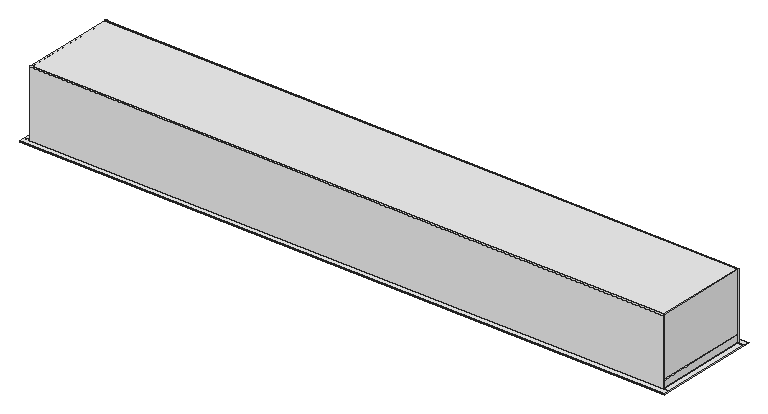
Revit family "MD2xx-4200-48", category Lighting Fixtures, host Ceiling, Revit 2019
Family settings
  Host = Ceiling
  Round Connector Dimension = Use Diameter
  Part Type = Normal
  OmniClass Number = 23.80.70.11.14.17
  OmniClass Title = Direct/Indirect
  Always vertical = Yes
  Cut with Voids When Loaded = No
  Light Source = Yes
  Shared = No
  Room Calculation Point = No
Parameters (values of type "MD2xx-4200-48-LED840K052LUNV (Exam On)")
  Width = 0' - 7 3/4"
  Wattage = 25 W
  built-in parameter 1150110 = 1 (stored number, unit not read)
  Voltage = 120 V
  URL = "https://www.viscor.com/en/products/md2-4200"
  built-in parameter 1114217 = 0.9 (stored number, unit not read)
  Tilt Angle = 90.00°
  built-in parameter 1150109 = 1 (stored number, unit not read)
  built-in parameter 1150134 = 12
  built-in parameter 1150113 = 1 (stored number, unit not read)
  Photometric Web File = "MD2IG-4200-48-LED840K52Lxxx (EXAM ON).IES"
  Model = "MD2-4200"  # constant formula
  Manufacturer = "Certolux By Viscor"  # constant formula
  Lumens = 2575 lm
  built-in parameter 1150115 = 1 (stored number, unit not read)
  built-in parameter 1150105 = 204.91 (stored number, unit not read)
  built-in parameter 1150137 = (empty or 0)
  built-in parameter 1150139 = (empty or 0)
  Lens Finish = Acrylic - Viscor - Flat Frosted Prismatic P12
  Length = 3' - 11 3/4"
  Lamp Wattage = 25 VA
  built-in parameter 1150112 = 1 (stored number, unit not read)
  built-in parameter 1150114 = 1 (stored number, unit not read)
  Lamp = "LED"  # constant formula
  built-in parameter 1150132 = (empty or 0)
  built-in parameter 1150102 = (empty or 0)
  built-in parameter 1150138 = (empty or 0)
  built-in parameter 1150107 = 4000 (stored number, unit not read)
  built-in parameter 1150106 = 2.0491 (stored number, unit not read)
  Housing Finish = Metal - Viscor - White
  Emit from Rectangle Width = Width  # 0' - 7 3/4"
  Emit from Rectangle Length = Length  # 3' - 11 3/4"
  Emit Shape Visible in Rendering = no
  built-in parameter 1150104 = 9.569 (stored number, unit not read)
  Dimming Lamp Color Temperature Shift = <None>
  Diffuser Finish = Acrylic - Viscor - Frosted Round
  Description = "LED-Recessed Medical Patient Ambient/Exam Luminaire"  # constant formula
  Color Filter = 16777215
  built-in parameter 1114218 = 1 (stored number, unit not read)
  built-in parameter 1150133 = 10 (stored number, unit not read)
  Assembly Code = ""
  Apparent Load = Lamp Wattage  # 25 VA
Types (7): name | Wattage | Photometric Web File | Lumens | built-in parameter 1150105 | Lamp Wattage | built-in parameter 1150106 | built-in parameter 1150104 | Apparent Load
  (no name) | 25 W | "MD2IG-4200-48-LED840K52Lxxx (EXAM ON).IES" | 2575 lm | 204.91 (stored number, unit not read) | 25 VA | 2.0491 (stored number, unit not read) | 9.569 (stored number, unit not read) | 25 VA
  MD2xx-4200-48-LED840K052LUNV (Exam On) | 25 W | "MD2IG-4200-48-LED840K52Lxxx (EXAM ON).IES" | 2575 lm | 204.91 (stored number, unit not read) | 25 VA | 2.0491 (stored number, unit not read) | 9.569 (stored number, unit not read) | 25 VA
  MD2xx-4200-48-LED840K052LUNV (Ambient On) | 25 W | "MD2IG-4200-48-LED840K52Lxxx (AMBIENT ON).IES" | 2625 lm | 208.89 (stored number, unit not read) | 25 VA | 2.0889 (stored number, unit not read) | 9.7548 (stored number, unit not read) | 25 VA
  MD2xx-4200-48-LED840K052LUNV (All On) | 50 W | "MD2IG-4200-48-LED840K52Lxxx (ALL ON).IES" | 5200 lm | 413.8 (stored number, unit not read) | 50 VA | 4.138 (stored number, unit not read) | 9.6619 (stored number, unit not read) | 50 VA
  MD2xx-4200-48-LED840K026LUNV (Exam On) | 13 W | "MD2IG-4200-48-LED840K26Lxxx (EXAM ON).ies" | 1287 lm | 102.42 (stored number, unit not read) | 13 VA | 1.0242 (stored number, unit not read) | 9.1974 (stored number, unit not read) | 13 VA
  MD2xx-4200-48-LED840K026LUNV (Ambient On) | 13 W | "MD2IG-4200-48-LED840K26Lxxx(AMBIENT ON).ies" | 1313 lm | 104.49 (stored number, unit not read) | 13 VA | 1.0449 (stored number, unit not read) | 9.3832 (stored number, unit not read) | 13 VA
  MD2xx-4200-48-LED840K026LUNV (All On) | 25 W | "MD2IG-4200-48-LED840K26Lxxx(All ON).ies" | 2600 lm | 206.9 (stored number, unit not read) | 25 VA | 2.069 (stored number, unit not read) | 9.6619 (stored number, unit not read) | 25 VA
Reference planes (in)
  plane 1 "Light Source Axis (F/B)": y = 0
  plane 2 "Ceiling": z = 96
  plane 3 "Light Source Axis (L/R)": x = 0
  plane 4 "Light Source Elevation": z = 96
  plane 5: y = 3.875
  plane 6: y = -3.875
  plane 7 "Left": x = -23.875
  plane 8 "Right": x = 23.875
  plane 9 "USofFrame": z = 96.045
  plane 10 "Lens": z = 96.17
  plane 11: x = -23.84375
  plane 12: x = -23.473
  plane 13: x = 23.473
Forms (in)
  Extrusion 1, void
    sketch origin (43.99109, -53.88196, 0) x (1, 0, 0) y (0, 1, 0)
      loop
        line (-67.86609, 57.75696) -> (-67.86609, 50.00696) -> (-20.11609, 50.00696) -> (-20.11609, 57.75696) -> (-67.86609, 57.75696)
    from 95.94035 to 101.56772
  Extrusion 2, void
    sketch origin (0, 0, 96) x (1, 0, 0) y (0, 1, 0)
      loop
        line (-22.5738, -2.5625) -> (22.5738, -2.5625) -> (22.5738, 2.5625) -> (-22.5738, 2.5625) -> (-22.5738, -2.5625)
    from -0.12033 to 0.79
  Extrusion 3, solid, material "Metal - Viscor - White" <- "Housing Finish"
    sketch origin (0, 0, 0) x (0, 1, 0) y (0, 0, 1)
      loop
        arc (3.4815, 100.979) -> (3.46217, 101.02567) -> (3.4155, 101.045) r 0.066
        line (3.4155, 101.045) -> (-3.4155, 101.045)
        arc (-3.4155, 101.045) -> (-3.46217, 101.02567) -> (-3.4815, 100.979) r 0.066
        line (-3.4815, 100.979) -> (-3.4815, 96.108) -> (-3.4455, 96.108) -> (-3.4455, 100.979)
        arc (-3.4455, 100.979) -> (-3.43671, 101.00021) -> (-3.4155, 101.009) r 0.03
        line (-3.4155, 101.009) -> (3.4155, 101.009)
        arc (3.4155, 101.009) -> (3.43671, 101.00021) -> (3.4455, 100.979) r 0.03
        line (3.4455, 100.979) -> (3.4455, 96.108) -> (3.4815, 96.108) -> (3.4815, 100.979)
    from -23.473 to 23.473
  Extrusion 4, solid, material "Metal - Viscor - White" <- "Housing Finish"
    sketch origin (0, 0, 0) x (1, 0, 0) y (0, 0, 1)
      loop
        line (-23.47204, 96.093) -> (-23.87504, 96.093) -> (-23.87504, 96.045) -> (-23.47204, 96.045)
        arc (-23.47204, 96.045) -> (-23.41052, 96.07048) -> (-23.38504, 96.132) r 0.087
        line (-23.38504, 96.132) -> (-23.38504, 96.631)
        arc (-23.38504, 96.631) -> (-23.37362, 96.65858) -> (-23.34604, 96.67) r 0.039
        line (-23.34604, 96.67) -> (23.34596, 96.67)
        arc (23.34596, 96.67) -> (23.37354, 96.65858) -> (23.38496, 96.631) r 0.039
        line (23.38496, 96.631) -> (23.38496, 96.132)
        arc (23.38496, 96.132) -> (23.41044, 96.07048) -> (23.47196, 96.045) r 0.087
        line (23.47196, 96.045) -> (23.87496, 96.045) -> (23.87496, 96.093) -> (23.47196, 96.093)
        arc (23.47196, 96.093) -> (23.44438, 96.10442) -> (23.43296, 96.132) r 0.039
        line (23.43296, 96.132) -> (23.43296, 96.631)
        arc (23.43296, 96.631) -> (23.40748, 96.69252) -> (23.34596, 96.718) r 0.087
        line (23.34596, 96.718) -> (-23.34604, 96.718)
        arc (-23.34604, 96.718) -> (-23.40756, 96.69252) -> (-23.43304, 96.631) r 0.087
        line (-23.43304, 96.631) -> (-23.43304, 96.132)
        arc (-23.43304, 96.132) -> (-23.44446, 96.10442) -> (-23.47204, 96.093) r 0.039
    from -3.4455 to 3.4455
  Extrusion 5, solid, material "Metal - Viscor - White" <- "Housing Finish"
    sketch origin (0, 0, 0) x (0, 1, 0) y (0, 0, 1)
      loop
        arc (-3.4155, 101.009) -> (-3.43671, 101.00021) -> (-3.4455, 100.979) r 0.03
        line (-3.4455, 100.979) -> (-3.4455, 96.718) -> (3.4455, 96.718) -> (3.4455, 100.979)
        arc (3.4455, 100.979) -> (3.43671, 101.00021) -> (3.4155, 101.009) r 0.03
        line (3.4155, 101.009) -> (-3.4155, 101.009)
    from 23.38355 to 23.473
  Extrusion 6, solid, material "Metal - Viscor - White" <- "Housing Finish"
    sketch origin (0, 0, 0) x (0, 1, 0) y (0, 0, -1)
      loop
        line (-3.4155, -101.009) -> (3.4155, -101.009)
        arc (3.4155, -101.009) -> (3.43671, -101.00021) -> (3.4455, -100.979) r 0.03
        line (3.4455, -100.979) -> (3.4455, -96.718) -> (-3.4455, -96.718) -> (-3.4455, -100.979)
        arc (-3.4455, -100.979) -> (-3.43671, -101.00021) -> (-3.4155, -101.009) r 0.03
    from 23.38355 to 23.473
  Extrusion 7, solid, material "Metal - Viscor - White" <- "Housing Finish"
    sketch origin (0, 0, 0) x (0, 1, 0) y (0, 0, 1)
      loop
        line (3.875, 96.045) -> (3.875, 96.093) -> (3.4455, 96.093) -> (3.4455, 96.045) -> (3.875, 96.045)
    from -23.875 to 23.875
  Extrusion 8, solid, material "Metal - Viscor - White" <- "Housing Finish"
    sketch origin (0, 0, 0) x (0, -1, 0) y (0, 0, -1)
      loop
        line (3.875, -96.045) -> (3.4455, -96.045) -> (3.4455, -96.093) -> (3.875, -96.093) -> (3.875, -96.045)
    from -23.875 to 23.875
  Extrusion 9, solid, material "Metal - Viscor - White" <- "Housing Finish"
    sketch origin (0, 0, 96) x (1, 0, 0) y (0, 1, 0)
      loop
        line (-23.3225, -3.323) -> (23.3225, -3.323) -> (23.3225, 3.323) -> (-23.3225, 3.323) -> (-23.3225, -3.323)
      loop
        line (22.4085, 2.381) -> (-22.4085, 2.381) -> (-22.4085, -2.381) -> (22.4085, -2.381) -> (22.4085, 2.381)
    from 0 to 0.631
  Extrusion 10, solid, material "Acrylic - Viscor - Flat Frosted Prismatic P12" <- "Lens Finish"
    sketch origin (0, 0, 0) x (0, 1, 0) y (0, 0, 1)
      loop
        line (2.5625, 96.118) -> (2.5625, 96.243) -> (-2.5625, 96.243) -> (-2.5625, 96.118) -> (2.5625, 96.118)
    from -22.56254 to 22.56246
  Extrusion 11, solid
    sketch origin (0, 0, 0) x (0, 1, 0) y (0, 0, 1)
      loop
        arc (2.375, 97.55368) -> (2.36801, 97.58408) -> (2.34845, 97.60837) r 0.0696
        line (2.34845, 97.60837) -> (1.01894, 98.65509)
        arc (1.01894, 98.65509) -> (1.00065, 98.66545) -> (0.98009, 98.66987) r 0.0696
        line (0.98009, 98.66987) -> (-0.97867, 98.66994)
        arc (-0.97867, 98.66994) -> (-0.99998, 98.6657) -> (-1.01894, 98.65509) r 0.0696
        line (-1.01894, 98.65509) -> (-2.34845, 97.60837)
        arc (-2.34845, 97.60837) -> (-2.36801, 97.58408) -> (-2.375, 97.55368) r 0.0696
        line (-2.375, 97.55368) -> (-2.375, 96.79) -> (-2.34375, 96.79) -> (-2.34375, 97.55368)
        arc (-2.34375, 97.55368) -> (-2.3399, 97.57043) -> (-2.32912, 97.58381) r 0.03835
        line (-2.32912, 97.58381) -> (-0.98924, 98.63869) -> (0.98934, 98.63862) -> (2.32912, 97.58381)
        arc (2.32912, 97.58381) -> (2.3399, 97.57043) -> (2.34375, 97.55368) r 0.03835
        line (2.34375, 97.55368) -> (2.34375, 96.79) -> (2.375, 96.79) -> (2.375, 97.55368)
    from -22.56254 to 22.56246
Dimensions and locks (in)
  equal spacing: host sketch curve, plane 3 "Light Source Axis (L/R)", host sketch curve
  equal spacing: host sketch curve, plane 1 "Light Source Axis (F/B)", host sketch curve
  host sketch curve to host sketch curve = 10' - 0"  (x2)
  equal spacing: plane 7 "Left", plane 3 "Light Source Axis (L/R)", plane 8 "Right"
  "Length": plane 7 "Left" to plane 8 "Right"
  equal spacing: plane 5, plane 1 "Light Source Axis (F/B)", plane 6
  "Width": plane 5 to plane 6
  locked: plane 9 "USofFrame" to plane 2 "Ceiling" at 0.045
  plane 10 "Lens" to plane 9 "USofFrame" = 0' - 0 1/8"
  Extrusion 1 to plane 12 to plane 3 "Light Source Axis (L/R)" = 0' - 0.402" locked, 1' - 11.473"
  locked: plane 13 to plane 8 "Right" at 0.402
  plane 4 "Light Source Elevation" to level = 8' - 0"
  Extrusion 10 to plane 2 "Ceiling" = 0' - 0.118"
  aligned and locked: plane 3 "Light Source Axis (L/R)" to imposter light
  aligned and locked: plane 1 "Light Source Axis (F/B)" to imposter light
  aligned and locked: plane 4 "Light Source Elevation" to imposter light
  aligned and locked: Extrusion 1 to plane 7 "Left"
  aligned and locked: plane 8 "Right" to Extrusion 1
  aligned and locked: Extrusion 1 to plane 6
  aligned and locked: plane 5 to Extrusion 1
  aligned and locked: Extrusion 3 to plane 12
  aligned and locked: plane 13 to Extrusion 3
  aligned and locked: Extrusion 4 to Extrusion 3  (x2)
  aligned and locked: plane 13 to Extrusion 5
  aligned and locked: Extrusion 5 to import instance
  aligned and locked: Extrusion 7 to plane 7 "Left"
  aligned and locked: plane 8 "Right" to Extrusion 7
Automatic sketch dimensions
  Extrusion 1 sketch curve to plane 6 = 0' - 0"
  Extrusion 1 sketch curve to plane 7 "Left" = 0' - 0"
  Extrusion 1 sketch curve to plane 8 "Right" = 0' - 0"
  Extrusion 1 sketch curve to plane 5 = 0' - 0"
  plane 12 to Extrusion 2 sketch curve = 0' - 0.8992"
  Extrusion 2 sketch curve to plane 13 = 0' - 0.8992"
  plane 6 to Extrusion 2 sketch curve = 0' - 1 5/16"
  Extrusion 2 sketch curve to plane 5 = 0' - 1 5/16"
  Extrusion 3 sketch curve to Extrusion 3 sketch curve = 0' - 0"  (x4)
  plane 6 to Extrusion 3 sketch curve = 0' - 0.3935"
  Extrusion 3 sketch curve to Extrusion 3 sketch curve = 0' - 0.036"
  Extrusion 3 sketch curve to Extrusion 3 sketch curve = 0' - 0.03"  (x2)
  Extrusion 3 sketch curve to plane 5 = 0' - 0.4595"
  Extrusion 3 sketch curve to plane 10 "Lens" = 0' - 0.062"  (x2)
  plane 10 "Lens" to Extrusion 3 sketch curve = 0' - 4.809"
  Extrusion 4 sketch curve to Extrusion 4 sketch curve = 0' - 0"  (x8)
  Extrusion 4 sketch curve to plane 9 "USofFrame" = 0' - 0"  (x2)
  Extrusion 4 sketch curve to plane 7 "Left" = 0' - 0.00004"
  plane 12 to Extrusion 4 sketch curve = 0' - 0.00096"
  plane 12 to Extrusion 4 sketch curve = 0' - 0.03996"
  Extrusion 4 sketch curve to Extrusion 4 sketch curve = 0' - 0.048"
  Extrusion 4 sketch curve to Extrusion 4 sketch curve = 0' - 0.039"
  Extrusion 4 sketch curve to plane 13 = 0' - 0.12704"
  Extrusion 4 sketch curve to plane 10 "Lens" = 0' - 0.038"
  Extrusion 4 sketch curve to plane 13 = 0' - 0.08804"
  Extrusion 4 sketch curve to plane 8 "Right" = 0' - 0.00004"
  plane 10 "Lens" to Extrusion 4 sketch curve = 0' - 0.461"
  plane 6 to Extrusion 5 sketch curve = 0' - 0.4295"
  Extrusion 5 sketch curve to Extrusion 5 sketch curve = 0' - 0.03"
  Extrusion 5 sketch curve to plane 5 = 0' - 0.4595"
  Extrusion 5 sketch curve to plane 5 = 0' - 0.4295"
  plane 10 "Lens" to Extrusion 5 sketch curve = 0' - 0.548"
  Extrusion 5 sketch curve to Extrusion 5 sketch curve = 0' - 4.261"
  plane 6 to Extrusion 6 sketch curve = 0' - 0.4295"
  Extrusion 6 sketch curve to Extrusion 6 sketch curve = 0' - 0.03"
  Extrusion 6 sketch curve to plane 5 = 0' - 0.4595"
  Extrusion 6 sketch curve to plane 5 = 0' - 0.4295"
  plane 10 "Lens" to Extrusion 6 sketch curve = 0' - 4.839"
  plane 10 "Lens" to Extrusion 6 sketch curve = 0' - 0.548"
  Extrusion 7 sketch curve to plane 9 "USofFrame" = 0' - 0"
  Extrusion 7 sketch curve to plane 5 = 0' - 0"
  plane 9 "USofFrame" to Extrusion 7 sketch curve = 0' - 0.048"
  Extrusion 7 sketch curve to plane 5 = 0' - 0.4295"
  Extrusion 8 sketch curve to plane 9 "USofFrame" = 0' - 0"
  Extrusion 8 sketch curve to plane 6 = 0' - 0"
  Extrusion 8 sketch curve to plane 9 "USofFrame" = 0' - 0.048"
  Extrusion 8 sketch curve to plane 6 = 0' - 0.4295"
  plane 12 to Extrusion 9 sketch curve = 0' - 0.1505"
  plane 12 to Extrusion 9 sketch curve = 0' - 1.0645"
  Extrusion 9 sketch curve to plane 13 = 0' - 1.0645"
  Extrusion 9 sketch curve to plane 13 = 0' - 0.1505"
  plane 6 to Extrusion 9 sketch curve = 0' - 0.552"
  Extrusion 9 sketch curve to Extrusion 9 sketch curve = 0' - 0.942"
  Extrusion 9 sketch curve to plane 5 = 0' - 1.494"
  Extrusion 9 sketch curve to plane 5 = 0' - 0.552"
  Extrusion 10 sketch curve to plane 10 "Lens" = 0' - 0.052"
  plane 6 to Extrusion 10 sketch curve = 0' - 1 5/16"
  plane 10 "Lens" to Extrusion 10 sketch curve = 0' - 0.073"
  Extrusion 10 sketch curve to plane 5 = 0' - 1 5/16"
  Extrusion 11 sketch curve to Extrusion 11 sketch curve = 0' - 0"  (x4)
  plane 6 to Extrusion 11 sketch curve = 0' - 1 1/2"
  Extrusion 11 sketch curve to Extrusion 11 sketch curve = 0' - 0.02655"
  Extrusion 11 sketch curve to Extrusion 11 sketch curve = 0' - 0 1/32"  (x2)
  Extrusion 11 sketch curve to Extrusion 11 sketch curve = 0' - 0.01933"  (x2)
  Extrusion 11 sketch curve to Extrusion 11 sketch curve = 0' - 0.02372"  (x2)
  plane 1 "Light Source Axis (F/B)" to Extrusion 11 sketch curve = 0' - 1.01894"
  Extrusion 11 sketch curve to Extrusion 11 sketch curve = 0' - 0.0297"
  Extrusion 11 sketch curve to Extrusion 11 sketch curve = 0' - 0.01058"
  Extrusion 11 sketch curve to Extrusion 11 sketch curve = 0' - 0.01335"
  Extrusion 11 sketch curve to plane 1 "Light Source Axis (F/B)" = 0' - 0.97589"
  Extrusion 11 sketch curve to Extrusion 11 sketch curve = 0' - 0.0042"
  Extrusion 11 sketch curve to Extrusion 11 sketch curve = 0' - 0.00925"
  Extrusion 11 sketch curve to Extrusion 11 sketch curve = 0' - 0.02961"
  Extrusion 11 sketch curve to plane 5 = 0' - 1.5696"
  Extrusion 11 sketch curve to Extrusion 11 sketch curve = 0' - 0.01463"
  plane 10 "Lens" to Extrusion 11 sketch curve = 0' - 0.62"  (x2)
  Extrusion 11 sketch curve to Extrusion 11 sketch curve = 0' - 0.76368"
  plane 10 "Lens" to Extrusion 11 sketch curve = 0' - 1.38368"
  Extrusion 11 sketch curve to Extrusion 11 sketch curve = 0' - 1.04672"  (x2)
  Extrusion 11 sketch curve to Extrusion 11 sketch curve = 0' - 0.03822"
  Extrusion 11 sketch curve to Extrusion 11 sketch curve = 0' - 0.03829"
  Extrusion 11 sketch curve to Extrusion 11 sketch curve = 0' - 0.01639"
  Extrusion 11 sketch curve to Extrusion 11 sketch curve = 0' - 0.01646"
Connectors (in)
  electrical at (0, 0, 96), driven by "Voltage", driven by "Apparent Load"
    settings: index 1, voltage 120 V, apparent load 0 VA, apparent load phase1 25 VA, apparent load phase2 0 VA, apparent load phase3 0 VA, power factor 1, load classification "Other", number of poles 1, system type 31, power factor state 1, is connector primary yes, connector utility no, sub classification motor no, connector description ""
